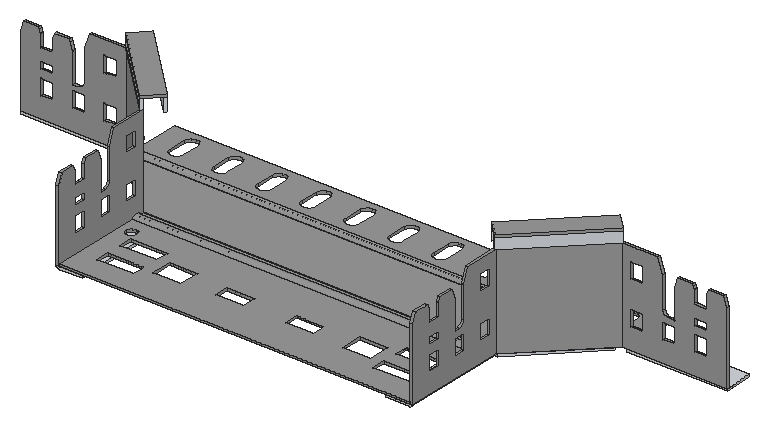
Revit family "Anbau-Abzweigstück - RAAM 620 FS.ok", category Generic Models, Revit 2017
Family settings
  Can host rebar = No
  Round Connector Dimension = Use Diameter
  Part Type = Normal
  Work Plane-Based = No
  Always vertical = Yes
  Cut with Voids When Loaded = No
  Shared = No
  Room Calculation Point = No
Parameters (values of type "6041234")
  Width 1 = 281 mm
  Width = 200 mm
  URL = "http://www.obo-bettermann.com"
  Material = Strip-galvanised
  Manufacturer Art.No. = "6041234"
  Manufacturer = "OBO BETTERMANN"
  GTIN = "4012195878582"
  Cut's number = 11
  Article Type = "RAAM 620 FS"
Reference planes
  plane 1 "Center (Front/Back)": y = 0
  plane 2: z = -1.455
  plane 3 "Center (Left/Right)": x = 0
  plane 4: y = -5.4
  plane 5: z = 3.25
  plane 6: x = 200
  plane 7: y = 37
  plane 8: x = 100
  plane 9: z = 3.3
  plane 10: y = 39.75
  plane 11: z = -1.45
  plane 12: through (4267.2, 41.898, 2.11) normal (0, 0.866, 0.5)
  plane 13: y = -60.03
  plane 14: y = 73.47
  plane 15: y = 37
  plane 16: y = 44.3
  plane 17: x = -40.5
  plane 18: x = 240.5
  plane 19: x = 100
  plane 20: y = 73.6
  plane 21: z = -2.755
  plane 22: x = -101
  plane 23: x = 301
  plane 24: z = 53.27
  plane 25: x = 201.3
  plane 26: x = -1.3
  plane 27: x = -43.8
  plane 28: x = 243.8
  plane 29: y = 60.6
  plane 30: x = -25
  plane 31: x = 225
  plane 32: y = 60.6
  plane 33: x = 0
  plane 34: x = 250
  plane 35: y = 60.6
  plane 36: x = 25
  plane 37: x = 275
  plane 38: y = 60.6
  plane 39: x = 50
  plane 40: x = 300
  plane 41: y = 60.6
  plane 42: x = 75
  plane 43: x = 325
  plane 44: y = 60.6
  plane 45: x = 100
  plane 46: x = 350
  plane 47: y = 60.6
  plane 48: x = 125
  plane 49: x = 375
  plane 50: y = 60.6
  plane 51: x = 150
  plane 52: x = 400
  plane 53: y = 60.6
  plane 54: x = 175
  plane 55: x = 425
  plane 56: y = 60.6
  plane 57: x = 200
  plane 58: x = 450
  plane 59: y = 60.6
  plane 60: x = 225
  plane 61: x = 475
  plane 62: y = -17.65
  plane 63: x = 192.26
  plane 64: y = -17.65
  plane 65: x = 7.74
  plane 66: x = 240.5
  plane 67: y = 48.104
  plane 68: x = 258.738
  plane 69: y = 46.31
  plane 70: x = -58.738
  plane 71: y = -34.4
  plane 72: x = 120
  plane 73: y = -34.4
  plane 74: x = 154
  plane 75: x = 178.468
  plane 76: y = -26.4
  plane 77: y = -34.4
  plane 78: x = 80
  plane 79: y = -34.4
  plane 80: x = 46
  plane 81: x = 21.532
  plane 82: y = -26.4
  plane 83: z = 16.608
  plane 84: z = 16.608
  plane 85: x = -86
  plane 86: x = -49.75
  plane 87: x = -67.75
  plane 88: x = -49.75
  plane 89: z = 40.995
  plane 90: z = 29.445
  plane 91: z = 16.608
  plane 92: z = 16.608
  plane 93: x = 286
  plane 94: x = 249.75
  plane 95: x = 267.75
  plane 96: x = 249.75
  plane 97: z = 40.995
  plane 98: z = 46.495
  plane 99: x = -99
  plane 100: x = -71
  plane 101: x = -86
  plane 102: z = 36.495
  plane 103: x = -81.453
  plane 104: z = 24.195
  plane 105: x = -61.471
  plane 106: z = 29.445
  plane 107: z = 29.445
  plane 108: z = 46.495
  plane 109: x = 299
  plane 110: z = 36.495
  plane 111: x = 289.484
  plane 112: x = 282.484
  plane 113: x = 290.523
  plane 114: x = 281.484
  plane 115: x = 271
  plane 116: z = 24.195
  plane 117: x = 286.023
  plane 118: x = 261.595
  plane 119: y = 42.742
  plane 120: y = 42.742
  plane 121: z = 59.27
  plane 122: z = 59.27
  plane 123: z = 60.732
  plane 124: z = 51.732
  plane 125: z = 46.636
  plane 126: y = -57.9
  plane 127: y = -29.9
  plane 128: y = -44.9
  plane 129: z = 36.636
  plane 130: y = -49.405
  plane 131: y = -40.392
  plane 132: z = 24.336
  plane 133: y = -20.4
  plane 134: z = 16.136
  plane 135: y = -44.9
  plane 136: y = -26.65
  plane 137: y = -8.65
  plane 138: z = 46.636
  plane 139: y = -57.9
  plane 140: y = -29.9
  plane 141: y = -44.9
  plane 142: y = -41.4
  plane 143 "1": y = -48.4
  plane 144: y = -49.4
  plane 145: y = -40.4
  plane 146: z = 36.636
  plane 147: y = -31.93
  plane 148: z = 24.336
  plane 149: y = -20.4
  plane 150: z = 16.136
  plane 151: y = -44.9
  plane 152: y = -26.65
  plane 153: y = -8.65
  plane 154: z = 41.136
  plane 155: y = -8.65
  plane 156: z = 29.586
  plane 157: z = 41.136
  plane 158: y = -8.65
  plane 159: z = 29.586
Forms (mm)
  Extrusion 1, solid, material "Strip-galvanised" <- "Material"
    sketch origin (0, 0, 0) x (0, 1, 0) y (0, 0, 1)
      loop
        line (-59.9, 0) -> (-8.028, 0)
        arc (-8.028, 0) -> (-7.275, 0.203) -> (-6.725, 0.756) r 1.5
        arc (-6.725, 0.756) -> (-5.4, 1.526) -> (-4.075, 0.756) r 1.526
        arc (-4.075, 0.756) -> (-3.525, 0.203) -> (-2.772, 0) r 1.5
        line (-2.772, 0) -> (0, 0) -> (0, 1.3) -> (-2.891, 1.3)
        arc (-2.891, 1.3) -> (-5.4, 2.826) -> (-7.909, 1.3) r 2.826
        line (-7.909, 1.3) -> (-59.9, 1.3) -> (-59.9, 0)
    from 0 to 200
  Extrusion 2, solid, material "Strip-galvanised" <- "Material"
    sketch origin (0, 0, 0) x (1, 0, 0) y (0, 1, 0)
      loop
        line (200.272, 0) -> (237.272, 37) -> (-37, 37) -> (0, 0) -> (200.272, 0)
    from 0 to 1.3
  Extrusion 3, solid, material "Strip-galvanised"
    sketch origin (0, 0, 0) x (0, 1, 0) y (0, 0, 1)
      loop
        line (37, 0) -> (37.999, 0) -> (38.242, 0.909)
        arc (38.242, 0.909) -> (39.538, 1.982) -> (40.975, 1.108) r 1.45
        line (40.975, 1.108) -> (42.597, -1.702)
        arc (42.597, -1.702) -> (43.368, -2.473) -> (44.422, -2.755) r 2.106
        line (44.422, -2.755) -> (44.422, -1.455)
        arc (44.422, -1.455) -> (44.018, -1.347) -> (43.723, -1.052) r 0.806
        line (43.723, -1.052) -> (42.133, 1.702)
        arc (42.133, 1.702) -> (39.426, 3.277) -> (37, 1.296) r 2.75
        line (37, 1.296) -> (37, 0)
    from -40.5 to 240.5
  Extrusion 4, void
    sketch origin (0, 0, 0) x (1, 0, 0) y (0, 1, 0)
      loop
        line (-37, 37) -> (-40.5, 40.5) -> (-40.5, 37) -> (-37, 37)
    from 0 to 3.402
  Extrusion 5, void
    sketch origin (200, 0, 0) x (-1, 0, 0) y (0, -1, 0)
      loop
        line (-37, -37) -> (-40.5, -37) -> (-40.5, -40.5) -> (-37, -37)
    from 0 to 3.402
  Extrusion 6, solid, material "Strip-galvanised"
    sketch origin (0, 0, 0) x (1, 0, 0) y (0, 1, 0)
      loop
        line (-40.5, 44.422) -> (240.5, 44.422) -> (240.5, 73.6) -> (-40.5, 73.6) -> (-40.5, 44.422)
    from -2.755 to -1.457
  Extrusion 7, solid, material "Strip-galvanised" <- "Material"
    sketch origin (0, 0, 0) x (1, 0, 0) y (0, 1, 0)
      loop
        line (0, 0) -> (-40.492, 40.492) -> (-101, 40.492) -> (-101, 39.192) -> (-41.03, 39.192) -> (-1.3, -0.538) -> (-1.3, -59.9) -> (0, -59.9) -> (0, 0)
      loop
        line (200, -59.9) -> (201.3, -59.9) -> (201.3, -0.81) -> (241.174, 39.064) -> (301, 39.064) -> (301, 40.364) -> (240.636, 40.364) -> (200, -0.272) -> (200, -59.9)
    from 0 to 53.27
  Extrusion 8, solid
    sketch origin (0, 0, 0) x (1, 0, 0) y (0, 0, 1)
      loop
        line (199, 0) -> (186.3, 0) -> (186.3, -1.314) -> (199.23, -1.314)
        arc (199.23, -1.314) -> (200.46, -0.958) -> (201.308, 0) r 2.3
        line (201.308, 0) -> (200, 0) -> (200, 1)
        arc (200, 1) -> (199.707, 0.293) -> (199, 0) r 1
    from 0 to 59.9
  Extrusion 9, solid
    sketch origin (200, 0, 0) x (-1, 0, 0) y (0, 0, -1)
      loop
        arc (199, 0) -> (199.707, -0.293) -> (200, -1) r 1
        line (200, -1) -> (200, 0) -> (201.308, 0)
        arc (201.308, 0) -> (200.46, 0.958) -> (199.23, 1.314) r 2.3
        line (199.23, 1.314) -> (186.3, 1.314) -> (186.3, 0) -> (199, 0)
    from 0 to 59.9
  Extrusion 10, solid
    sketch origin (0, 0, 0) x (1, 0, 0) y (0, 1, 0)
      loop
        line (-38.838, 37) -> (-1.838, 0) -> (19.375, 0) -> (-17.625, 37) -> (-38.838, 37)
    from -1.455 to 0
  Extrusion 11, solid
    sketch origin (200, 0, 0) x (-1, 0, 0) y (0, -1, 0)
      loop
        line (-38.838, -37) -> (-17.625, -37) -> (19.375, 0) -> (-1.838, 0) -> (-38.838, -37)
    from -1.455 to 0
  Extrusion 12, solid
    sketch origin (0, -1.42, 0) x (1, 0, 0) y (0, 1, 0)
      loop
        line (-43.8, 40.612) -> (-43.8, 56.912) -> (-100.988, 56.912) -> (-100.988, 40.612) -> (-43.8, 40.612)
    from -1.455 to 0
  Extrusion 13, solid
    sketch origin (200, 0, 0) x (-1, 0, 0) y (0, -1, 0)
      loop
        line (-43.8, -39.192) -> (-100.988, -39.192) -> (-100.988, -55.492) -> (-43.8, -55.492) -> (-43.8, -39.192)
    from -1.455 to 0
  Extrusion 14, void
    sketch origin (0, 0, 0) x (1, 0, 0) y (0, 1, 0)
      loop
        arc (-29, 55.6) -> (-25, 51.6) -> (-21, 55.6) r 4
        line (-21, 55.6) -> (-21, 65.6)
        arc (-21, 65.6) -> (-25, 69.6) -> (-29, 65.6) r 4
        line (-29, 65.6) -> (-29, 55.6)
    from -1.455 to -2.755
  Extrusion 15, void
    sketch origin (25, 0, 0) x (1, 0, 0) y (0, 1, 0)
      loop
        arc (-29, 55.6) -> (-25, 51.6) -> (-21, 55.6) r 4
        line (-21, 55.6) -> (-21, 65.6)
        arc (-21, 65.6) -> (-25, 69.6) -> (-29, 65.6) r 4
        line (-29, 65.6) -> (-29, 55.6)
    from -1.455 to -2.755
  Extrusion 16, void
    sketch origin (50, 0, 0) x (1, 0, 0) y (0, 1, 0)
      loop
        arc (-29, 55.6) -> (-25, 51.6) -> (-21, 55.6) r 4
        line (-21, 55.6) -> (-21, 65.6)
        arc (-21, 65.6) -> (-25, 69.6) -> (-29, 65.6) r 4
        line (-29, 65.6) -> (-29, 55.6)
    from -1.455 to -2.755
  Extrusion 17, void
    sketch origin (75, 0, 0) x (1, 0, 0) y (0, 1, 0)
      loop
        arc (-29, 55.6) -> (-25, 51.6) -> (-21, 55.6) r 4
        line (-21, 55.6) -> (-21, 65.6)
        arc (-21, 65.6) -> (-25, 69.6) -> (-29, 65.6) r 4
        line (-29, 65.6) -> (-29, 55.6)
    from -1.455 to -2.755
  Extrusion 18, void
    sketch origin (100, 0, 0) x (1, 0, 0) y (0, 1, 0)
      loop
        arc (-29, 55.6) -> (-25, 51.6) -> (-21, 55.6) r 4
        line (-21, 55.6) -> (-21, 65.6)
        arc (-21, 65.6) -> (-25, 69.6) -> (-29, 65.6) r 4
        line (-29, 65.6) -> (-29, 55.6)
    from -1.455 to -2.755
  Extrusion 19, void
    sketch origin (125, 0, 0) x (1, 0, 0) y (0, 1, 0)
      loop
        arc (-29, 55.6) -> (-25, 51.6) -> (-21, 55.6) r 4
        line (-21, 55.6) -> (-21, 65.6)
        arc (-21, 65.6) -> (-25, 69.6) -> (-29, 65.6) r 4
        line (-29, 65.6) -> (-29, 55.6)
    from -1.455 to -2.755
  Extrusion 20, void
    sketch origin (150, 0, 0) x (1, 0, 0) y (0, 1, 0)
      loop
        arc (-29, 55.6) -> (-25, 51.6) -> (-21, 55.6) r 4
        line (-21, 55.6) -> (-21, 65.6)
        arc (-21, 65.6) -> (-25, 69.6) -> (-29, 65.6) r 4
        line (-29, 65.6) -> (-29, 55.6)
    from -1.455 to -2.755
  Extrusion 21, void
    sketch origin (175, 0, 0) x (1, 0, 0) y (0, 1, 0)
      loop
        arc (-29, 55.6) -> (-25, 51.6) -> (-21, 55.6) r 4
        line (-21, 55.6) -> (-21, 65.6)
        arc (-21, 65.6) -> (-25, 69.6) -> (-29, 65.6) r 4
        line (-29, 65.6) -> (-29, 55.6)
    from -1.455 to -2.755
  Extrusion 22, void
    sketch origin (200, 0, 0) x (1, 0, 0) y (0, 1, 0)
      loop
        arc (-29, 55.6) -> (-25, 51.6) -> (-21, 55.6) r 4
        line (-21, 55.6) -> (-21, 65.6)
        arc (-21, 65.6) -> (-25, 69.6) -> (-29, 65.6) r 4
        line (-29, 65.6) -> (-29, 55.6)
    from -1.455 to -2.755
  Extrusion 23, void
    sketch origin (225, 0, 0) x (1, 0, 0) y (0, 1, 0)
      loop
        arc (-29, 55.6) -> (-25, 51.6) -> (-21, 55.6) r 4
        line (-21, 55.6) -> (-21, 65.6)
        arc (-21, 65.6) -> (-25, 69.6) -> (-29, 65.6) r 4
        line (-29, 65.6) -> (-29, 55.6)
    from -1.455 to -2.755
  Extrusion 24, void
    sketch origin (250, 0, 0) x (1, 0, 0) y (0, 1, 0)
      loop
        arc (-29, 55.6) -> (-25, 51.6) -> (-21, 55.6) r 4
        line (-21, 55.6) -> (-21, 65.6)
        arc (-21, 65.6) -> (-25, 69.6) -> (-29, 65.6) r 4
        line (-29, 65.6) -> (-29, 55.6)
    from -1.455 to -2.755
  Extrusion 25, void
    sketch origin (0, 0, 0) x (1, 0, 0) y (0, 1, 0)
      loop
        circle (192.26, -17.65) r 3.1
    from 1.3 to -1.455
  Extrusion 26, void
    sketch origin (200, 0, 0) x (-1, 0, 0) y (0, -1, 0)
      loop
        circle (192.26, 17.65) r 3.1
    from 1.3 to -1.455
  Extrusion 27, void
    sketch origin (0, 0, 0) x (1, 0, 0) y (0, 1, 0)
      loop
        circle (258.738, 48.104) r 3.108
    from 0 to -1.455
  Extrusion 28, void
    sketch origin (0, 0, 0) x (1, 0, 0) y (0, 1, 0)
      loop
        circle (-58.738, 46.31) r 3.125
    from 0 to -1.455
  Extrusion 29, void
    sketch origin (0, 0, 0) x (1, 0, 0) y (0, 1, 0)
      loop
        line (112, -30.4) -> (112, -38.4) -> (128, -38.4) -> (128, -30.4) -> (112, -30.4)
    from 1.702 to 0
  Extrusion 30, void
    sketch origin (0, 0, 0) x (1, 0, 0) y (0, 1, 0)
      loop
        line (146, -28.4) -> (146, -40.4) -> (162, -40.4) -> (162, -28.4) -> (146, -28.4)
      loop
        line (167.968, -22.6) -> (167.968, -30.2) -> (188.968, -30.2) -> (188.968, -22.6) -> (167.968, -22.6)
      loop
        line (167.968, -46.2) -> (188.968, -46.2) -> (188.968, -38.6) -> (167.968, -38.6) -> (167.968, -46.2)
    from 1.702 to 0
  Extrusion 31, void
    sketch origin (200, 0, 0) x (-1, 0, 0) y (0, -1, 0)
      loop
        line (112, 30.4) -> (128, 30.4) -> (128, 38.4) -> (112, 38.4) -> (112, 30.4)
    from 1.702 to 0
  Extrusion 32, void
    sketch origin (200, 0, 0) x (-1, 0, 0) y (0, -1, 0)
      loop
        line (146, 28.4) -> (162, 28.4) -> (162, 40.4) -> (146, 40.4) -> (146, 28.4)
      loop
        line (167.968, 22.6) -> (188.968, 22.6) -> (188.968, 30.2) -> (167.968, 30.2) -> (167.968, 22.6)
      loop
        line (167.968, 46.2) -> (167.968, 38.6) -> (188.968, 38.6) -> (188.968, 46.2) -> (167.968, 46.2)
    from 1.702 to 0
  Extrusion 33, void
    sketch origin (0, 0, 0) x (1, 0, 0) y (0, 0, 1)
      loop
        line (-89.471, 21.108) -> (-89.471, 12.108) -> (-82.5, 12.108) -> (-82.5, 21.108) -> (-89.471, 21.108)
      loop
        line (-71.25, 21.108) -> (-71.25, 12.108) -> (-64.25, 12.108) -> (-64.25, 21.108) -> (-71.25, 21.108)
      loop
        line (-53.25, 21.108) -> (-53.25, 12.108) -> (-46.25, 12.108) -> (-46.25, 21.108) -> (-53.25, 21.108)
      loop
        line (-53.25, 45.495) -> (-53.25, 36.495) -> (-46.25, 36.495) -> (-46.25, 45.495) -> (-53.25, 45.495)
    from -39.192 to -40.492
  Extrusion 34, void
    sketch origin (200, 0, 0) x (-1, 0, 0) y (0, 0, -1)
      loop
        line (-89.471, -21.108) -> (-82.5, -21.108) -> (-82.5, -12.108) -> (-89.471, -12.108) -> (-89.471, -21.108)
      loop
        line (-71.25, -21.108) -> (-64.25, -21.108) -> (-64.25, -12.108) -> (-71.25, -12.108) -> (-71.25, -21.108)
      loop
        line (-53.25, -21.108) -> (-46.25, -21.108) -> (-46.25, -12.108) -> (-53.25, -12.108) -> (-53.25, -21.108)
      loop
        line (-53.25, -45.495) -> (-46.25, -45.495) -> (-46.25, -36.495) -> (-53.25, -36.495) -> (-53.25, -45.495)
    from -39.192 to -40.492
  Extrusion 35, void
    sketch origin (0, 0, 0) x (1, 0, 0) y (0, 0, 1)
      loop
        line (-99, 46.495) -> (-90.547, 46.495) -> (-89.484, 43.575) -> (-89.484, 36.995)
        arc (-89.484, 36.995) -> (-89.338, 36.641) -> (-88.984, 36.495) r 0.5
        line (-88.984, 36.495) -> (-86, 36.495) -> (-82.953, 36.495)
        arc (-82.953, 36.495) -> (-82.599, 36.641) -> (-82.453, 36.995) r 0.5
        line (-82.453, 36.995) -> (-82.453, 43.747) -> (-81.453, 46.495) -> (-73, 46.495) -> (-71, 41) -> (-71, 24.195) -> (-67.471, 24.195)
        arc (-67.471, 24.195) -> (-65.349, 25.074) -> (-64.471, 27.195) r 3
        line (-64.471, 27.195) -> (-64.471, 45.028) -> (-61.471, 53.27) -> (-101, 53.27) -> (-101, 41) -> (-99, 46.495)
    from -39.192 to -40.492
  Extrusion 36, void
    sketch origin (0, 0, 0) x (1, 0, 0) y (0, 0, 1)
      loop
        line (-89.484, 29.445) -> (-89.484, 25.445) -> (-82.453, 25.445) -> (-82.453, 29.445) -> (-89.484, 29.445)
    from -39.064 to -40.492
  Extrusion 37, void
    sketch origin (200, 0, 0) x (-1, 0, 0) y (0, 0, -1)
      loop
        line (-89.484, -29.445) -> (-82.453, -29.445) -> (-82.453, -25.445) -> (-89.484, -25.445) -> (-89.484, -29.445)
    from -39.192 to -40.492
  Extrusion 38, void
    sketch origin (0, 0, 0) x (1, 0, 0) y (0, 0, 1)
      loop
        line (299, 46.495) -> (301, 41) -> (301, 53.27) -> (261.595, 53.27) -> (264.595, 45.028) -> (264.595, 27.195)
        arc (264.595, 27.195) -> (265.473, 25.074) -> (267.595, 24.195) r 3
        line (267.595, 24.195) -> (271.046, 24.195) -> (271.046, 41) -> (273.046, 46.495) -> (281.484, 46.495) -> (282.484, 43.747) -> (282.484, 36.995)
        arc (282.484, 36.995) -> (282.631, 36.641) -> (282.984, 36.495) r 0.5
        line (282.984, 36.495) -> (289.023, 36.495)
        arc (289.023, 36.495) -> (289.377, 36.641) -> (289.523, 36.995) r 0.5
        line (289.523, 36.995) -> (289.523, 43.747) -> (290.523, 46.495) -> (299, 46.495)
    from -39.192 to -40.5
  Extrusion 39, void
    sketch origin (0, 0, 0) x (1, 0, 0) y (0, 1, 0)
      loop
        line (-100.988, 42.742) -> (-99.873, 55.492) -> (-100.988, 55.492) -> (-100.988, 42.742)
    from 0 to -1.455
  Extrusion 40, void
    sketch origin (0, 0, 0) x (1, 0, 0) y (0, 1, 0)
      loop
        line (300.988, 42.742) -> (300.988, 55.492) -> (299.873, 55.492) -> (300.988, 42.742)
    from 0 to -250
  Extrusion 41, solid
    sketch origin (0, 0, 0) x (1, 0, 0) y (0, 1, 0)
      loop
        line (0, 0) -> (-40.5, 40.5) -> (-41.419, 39.581) -> (-0.919, -0.919) -> (0, 0)
    from 59.27 to 53.27
  Extrusion 42, solid, material "Strip-galvanised" <- "Material"
    sketch origin (0, 0, 0) x (1, 0, 0) y (0, 1, 0)
      loop
        line (-41.419, 39.581) -> (-0.919, -0.919) -> (7.567, 7.567) -> (-32.933, 48.067) -> (-41.419, 39.581)
    from 60.732 to 59.27
  Extrusion 43, solid
    sketch origin (0, 0, 0) x (1, 0, 0) y (0, 1, 0)
      loop
        line (240.636, 40.364) -> (200, -0.272) -> (200.919, -1.191) -> (241.555, 39.445) -> (240.636, 40.364)
    from 59.27 to 53.27
  Extrusion 44, solid, material "Strip-galvanised" <- "Material"
    sketch origin (0, 0, 0) x (1, 0, 0) y (0, 1, 0)
      loop
        line (241.555, 39.445) -> (233.07, 47.93) -> (192.434, 7.294) -> (200.919, -1.191) -> (241.555, 39.445)
    from 60.732 to 59.27
  Extrusion 45, solid
    sketch origin (0, 0, 0) x (1, 0, 0) y (0, 1, 0)
      loop
        line (-32.933, 48.067) -> (-33.835, 47.165) -> (6.665, 6.665) -> (7.567, 7.567) -> (-32.933, 48.067)
    from 59.27 to 51.732
  Extrusion 46, solid
    sketch origin (200, 0, 0) x (-1, 0, 0) y (0, -1, 0)
      loop
        line (-32.933, -48.067) -> (7.567, -7.567) -> (6.665, -6.665) -> (-33.835, -47.165) -> (-32.933, -48.067)
    from 59.27 to 51.732
  Extrusion 47, void
    sketch origin (0, 0, 0) x (0, 1, 0) y (0, 0, 1)
      loop
        line (-57.9, 46.636) -> (-49.405, 46.636) -> (-48.405, 43.888) -> (-48.405, 36.636) -> (-44.9, 36.636) -> (-41.392, 36.636) -> (-41.392, 43.899) -> (-40.395, 46.636) -> (-31.9, 46.636) -> (-29.9, 41.141) -> (-29.9, 24.336) -> (-26.4, 24.336)
        arc (-26.4, 24.336) -> (-24.279, 25.214) -> (-23.4, 27.336) r 3
        line (-23.4, 27.336) -> (-23.4, 45.028) -> (-20.4, 53.27) -> (-59.9, 53.27) -> (-59.9, 41.141) -> (-57.9, 46.636)
    from 0 to -1.3
  Extrusion 48, void
    sketch origin (0, 0, 0) x (0, 1, 0) y (0, 0, 1)
      loop
        line (-48.405, 20.636) -> (-48.405, 11.636) -> (-41.405, 11.636) -> (-41.405, 20.636) -> (-48.405, 20.636)
      loop
        line (-29.9, 20.636) -> (-29.9, 11.636) -> (-23.444, 11.636) -> (-23.444, 20.636) -> (-29.9, 20.636)
      loop
        line (-12.15, 20.636) -> (-12.15, 11.636) -> (-5.15, 11.636) -> (-5.15, 20.636) -> (-12.15, 20.636)
    from 0 to -1.3
  Extrusion 49, void
    sketch origin (0, 0, 0) x (0, 1, 0) y (0, 0, 1)
      loop
        line (-57.9, 46.636) -> (-49.4, 46.636) -> (-48.4, 43.888) -> (-48.4, 36.636) -> (-41.4, 36.636) -> (-41.4, 43.888) -> (-40.4, 46.636) -> (-31.93, 46.636) -> (-29.9, 41.059) -> (-29.9, 24.336) -> (-26.4, 24.336)
        arc (-26.4, 24.336) -> (-24.279, 25.214) -> (-23.4, 27.336) r 3
        line (-23.4, 27.336) -> (-23.4, 45.028) -> (-20.4, 53.27) -> (-59.91, 53.27) -> (-59.91, 41.114) -> (-57.9, 46.636)
    from 196 to 205.486
  Extrusion 50, void
    sketch origin (0, 0, 0) x (0, 1, 0) y (0, 0, 1)
      loop
        line (-48.4, 20.636) -> (-48.4, 11.636) -> (-41.4, 11.636) -> (-41.4, 20.636) -> (-48.4, 20.636)
      loop
        line (-30.15, 20.636) -> (-30.15, 11.636) -> (-23.15, 11.636) -> (-23.15, 20.636) -> (-30.15, 20.636)
      loop
        line (-12.15, 20.636) -> (-12.15, 11.636) -> (-5.15, 11.636) -> (-5.15, 20.636) -> (-12.15, 20.636)
      loop
        line (-12.15, 45.636) -> (-12.15, 36.636) -> (-5.15, 36.636) -> (-5.15, 45.636) -> (-12.15, 45.636)
      loop
        line (-48.4, 29.586) -> (-48.4, 25.586) -> (-41.4, 25.586) -> (-41.4, 29.586) -> (-48.4, 29.586)
    from 205.486 to 196
  Extrusion 51, void
    sketch origin (0, 0, 0) x (0, 1, 0) y (0, 0, 1)
      loop
        line (-5.15, 45.636) -> (-12.15, 45.636) -> (-12.15, 36.636) -> (-5.15, 36.636) -> (-5.15, 45.636)
      loop
        line (-41.452, 29.586) -> (-48.431, 29.586) -> (-48.431, 25.586) -> (-41.452, 25.586) -> (-41.452, 29.586)
    from 0 to -1.3
Cuts and joins
  Extrusion 4, Extrusion 5 cuts Extrusion 3
  Extrusion 14, Extrusion 15, Extrusion 16, Extrusion 17, Extrusion 18, Extrusion 19, Extrusion 20, Extrusion 21, Extrusion 22, Extrusion 23, Extrusion 24 cuts Extrusion 6
  Extrusion 25, Extrusion 26, Extrusion 29, Extrusion 30, Extrusion 31, Extrusion 32 cuts Extrusion 1
  Extrusion 25, Extrusion 26, Extrusion 30, Extrusion 32 cuts Extrusion 8
  Extrusion 27, Extrusion 40 cuts Extrusion 13
  Extrusion 28, Extrusion 39 cuts Extrusion 12
  Extrusion 33, Extrusion 34, Extrusion 35, Extrusion 36, Extrusion 37, Extrusion 38, Extrusion 47, Extrusion 48, Extrusion 49, Extrusion 50, Extrusion 51 cuts Extrusion 7
Dimensions and locks
  locked: Extrusion 1 sketch curve to Extrusion 1 sketch curve at 59.9
  locked: Extrusion 1 sketch curve to plane 4 at 54.5
  locked: Extrusion 1 sketch curve to Extrusion 1 sketch curve at 1.526
  locked: Extrusion 1 sketch curve to Extrusion 1 sketch curve at 1.3
  "Width": plane 3 "Center (Left/Right)" to plane 6
  locked: Extrusion 1 to plane 7 at 96.9
  locked: plane 3 "Center (Left/Right)" to plane 8 at 100
  locked: Extrusion 2 sketch curve to Extrusion 2 sketch curve at 274.272
  locked: Extrusion 2 sketch curve to Extrusion 1 at 37
  locked: plane 9 to Extrusion 2 at 2  (x2)
  locked: Extrusion 2 to plane 10 at 2.75  (x2)
  locked: level to plane 11 at 1.45
  locked: Extrusion 3 sketch curve to Extrusion 2 at 1.986
  locked: Extrusion 3 sketch curve to Extrusion 3 sketch curve at 3.286
  locked: Extrusion 1 to plane 1 "Center (Front/Back)" at 59.9
  locked: plane 13 to plane 14 at 133.5
  locked: plane 15 to plane 16 at 7.3
  locked: Extrusion 2 to Extrusion 3 sketch curve at 7.422
  locked: Extrusion 3 sketch curve to level at 1.986
  locked: Extrusion 3 sketch curve to Extrusion 3 sketch curve at 1.3  (x2)
  locked: level to Extrusion 3 sketch curve at 2.755
  "Width 1": Extrusion 3 to Extrusion 3
  locked: Extrusion 1 to plane 19 at 100
  locked: plane 19 to plane 18 at 140.5
  locked: plane 17 to plane 19 at 140.5
  locked: Extrusion 1 to plane 20 at 133.5
  locked: Extrusion 6 sketch curve to Extrusion 6 sketch curve at 281
  locked: Extrusion 6 sketch curve to cut or joined group of Extrusion 3, Extrusion 4, Extrusion 5 at 29.178
  locked: Extrusion 6 sketch curve to plane 19 at 140.5
  locked: level to plane 21 at 2.755
  locked: Extrusion 6 to Extrusion 6 at 1.298
  locked: level to Extrusion 6 at 1.457
  locked: Extrusion 6 to level at 2.755
  locked: plane 22 to plane 19 at 201
  locked: plane 19 to plane 23 at 201
  locked: plane 1 "Center (Front/Back)" to Extrusion 7 sketch curve at 39.192
  locked: plane 1 "Center (Front/Back)" to Extrusion 7 sketch curve at 39.064
  locked: Extrusion 7 sketch curve to Extrusion 7 sketch curve at 202.6
  locked: Extrusion 7 sketch curve to Extrusion 7 sketch curve at 402
  locked: Extrusion 7 sketch curve to Extrusion 7 sketch curve at 1.3  (x2)
  locked: Extrusion 1 to Extrusion 7 sketch curve at 1.3
  Extrusion 7 sketch curve to Extrusion 1 = 1.3 mm
  locked: Extrusion 2 to Extrusion 7 sketch curve at 1.3
  locked: Extrusion 7 sketch curve to Extrusion 2 at 1.3
  locked: plane 24 to Extrusion 7 at 53.27
  Extrusion 8 sketch curve to plane 25 = 15 mm
  plane 25 to Extrusion 8 sketch curve = 15 mm
  locked: Extrusion 1 to Extrusion 8 sketch curve at 1.314
  Extrusion 9 sketch curve to plane 26 = 15 mm
  plane 26 to Extrusion 9 sketch curve = 15 mm
  locked: Extrusion 7 to Extrusion 10 sketch curve at 15
  locked: Extrusion 2 to cut or joined group of Extrusion 3, Extrusion 4, Extrusion 5 at 37
  Extrusion 7 to Extrusion 6 = 60.5 mm
  locked: Extrusion 7 to plane 27 at 57.2
  Extrusion 12 sketch curve to Extrusion 7 = 15 mm
  locked: Extrusion 12 sketch curve to Extrusion 12 sketch curve at 57.188
  locked: Extrusion 13 sketch curve to Extrusion 13 sketch curve at 57.188
  locked: Extrusion 14 sketch curve to Extrusion 14 sketch curve at 8
  locked: Extrusion 14 sketch curve to plane 30 at 4
  locked: Extrusion 14 sketch curve to plane 29 at 9
  locked: plane 29 to Extrusion 14 sketch curve at 9
  Extrusion 14 to plane 3 "Center (Left/Right)" = 29 mm
  locked: Extrusion 15 sketch curve to Extrusion 15 sketch curve at 8
  locked: Extrusion 15 sketch curve to plane 33 at 4
  locked: Extrusion 15 sketch curve to plane 32 at 9
  locked: plane 32 to Extrusion 15 sketch curve at 9
  equal spacing: group 1, group 2, group 3, group 4, group 5, group 6, group 7, group 8, group 9, group 10, group 11  (x3)
  locked: Extrusion 16 sketch curve to Extrusion 16 sketch curve at 8
  locked: Extrusion 16 sketch curve to plane 36 at 4
  locked: Extrusion 16 sketch curve to plane 35 at 9
  locked: plane 35 to Extrusion 16 sketch curve at 9
  locked: Extrusion 17 sketch curve to Extrusion 17 sketch curve at 8
  locked: Extrusion 17 sketch curve to plane 39 at 4
  locked: Extrusion 17 sketch curve to plane 38 at 9
  locked: plane 38 to Extrusion 17 sketch curve at 9
  locked: Extrusion 18 sketch curve to Extrusion 18 sketch curve at 8
  locked: Extrusion 18 sketch curve to plane 42 at 4
  locked: Extrusion 18 sketch curve to plane 41 at 9
  locked: plane 41 to Extrusion 18 sketch curve at 9
  locked: Extrusion 19 sketch curve to Extrusion 19 sketch curve at 8
  locked: Extrusion 19 sketch curve to plane 45 at 4
  locked: Extrusion 19 sketch curve to plane 44 at 9
  locked: plane 44 to Extrusion 19 sketch curve at 9
  locked: Extrusion 20 sketch curve to Extrusion 20 sketch curve at 8
  locked: Extrusion 20 sketch curve to plane 48 at 4
  locked: Extrusion 20 sketch curve to plane 47 at 9
  locked: plane 47 to Extrusion 20 sketch curve at 9
  locked: Extrusion 21 sketch curve to Extrusion 21 sketch curve at 8
  locked: Extrusion 21 sketch curve to plane 51 at 4
  locked: Extrusion 21 sketch curve to plane 50 at 9
  locked: plane 50 to Extrusion 21 sketch curve at 9
  locked: Extrusion 22 sketch curve to Extrusion 22 sketch curve at 8
  locked: Extrusion 22 sketch curve to plane 54 at 4
  locked: Extrusion 22 sketch curve to plane 53 at 9
  locked: plane 53 to Extrusion 22 sketch curve at 9
  locked: Extrusion 23 sketch curve to Extrusion 23 sketch curve at 8
  locked: Extrusion 23 sketch curve to plane 57 at 4
  locked: Extrusion 23 sketch curve to plane 56 at 9
  locked: plane 56 to Extrusion 23 sketch curve at 9
  locked: Extrusion 24 sketch curve to Extrusion 24 sketch curve at 8
  locked: Extrusion 24 sketch curve to plane 60 at 4
  locked: Extrusion 24 sketch curve to plane 59 at 9
  locked: plane 59 to Extrusion 24 sketch curve at 9
  locked: Extrusion 1 to plane 62 at 42.25
  locked: plane 63 to Extrusion 7 at 7.74
  locked: plane 63 to Extrusion 25 sketch curve
  Extrusion 25 sketch curve to plane 62 = 3.1 mm
  locked: plane 65 to Extrusion 26 sketch curve
  Extrusion 26 sketch curve to plane 64 = 3.1 mm
  locked: plane 68 to Extrusion 13 at 42.25
  locked: plane 67 to Extrusion 7 at 7.74
  locked: plane 68 to Extrusion 27 sketch curve at 0
  locked: Extrusion 27 sketch curve to plane 67 at 3.108
  locked: plane 69 to Extrusion 7 at 5.818
  locked: Extrusion 12 to plane 70 at 42.25
  locked: plane 70 to Extrusion 28 sketch curve at 0
  locked: Extrusion 28 sketch curve to plane 69 at 3.125
  cut or joined group of Extrusion 1, Extrusion 25, Extrusion 26, Extrusion 29, Extrusion 30, Extrusion 31, Extrusion 32 to plane 71 = 25.5 mm
  locked: plane 19 to plane 72 at 20
  locked: Extrusion 29 sketch curve to Extrusion 29 sketch curve at 8
  locked: plane 71 to Extrusion 29 sketch curve at 4
  locked: Extrusion 29 sketch curve to Extrusion 29 sketch curve at 16
  locked: plane 72 to Extrusion 29 sketch curve at 8
  locked: cut or joined group of Extrusion 1, Extrusion 25, Extrusion 26, Extrusion 29, Extrusion 30, Extrusion 31, Extrusion 32 to plane 73 at 25.5
  locked: plane 19 to plane 74 at 54
  locked: Extrusion 30 sketch curve to Extrusion 30 sketch curve at 12
  locked: plane 73 to Extrusion 30 sketch curve at 6
  locked: Extrusion 30 sketch curve to Extrusion 30 sketch curve at 16
  locked: plane 74 to Extrusion 30 sketch curve at 8
  locked: Extrusion 30 sketch curve to Extrusion 30 sketch curve at 21  (x2)
  locked: plane 19 to plane 75 at 78.468
  locked: Extrusion 30 sketch curve to Extrusion 30 sketch curve at 7.6  (x2)
  locked: Extrusion 30 sketch curve to plane 73 at 4.2
  locked: plane 76 to plane 73 at 8
  locked: plane 75 to Extrusion 30 sketch curve at 10.5
  Extrusion 30 to plane 6 = 54 mm
  locked: Extrusion 31 sketch curve to Extrusion 31 sketch curve at 8
  locked: plane 77 to Extrusion 31 sketch curve at 4
  locked: Extrusion 31 sketch curve to Extrusion 31 sketch curve at 16
  locked: plane 78 to Extrusion 31 sketch curve at 8
  locked: Extrusion 32 sketch curve to Extrusion 32 sketch curve at 12
  locked: plane 79 to Extrusion 32 sketch curve at 6
  locked: Extrusion 32 sketch curve to Extrusion 32 sketch curve at 16
  locked: plane 80 to Extrusion 32 sketch curve at 8
  locked: Extrusion 32 sketch curve to Extrusion 32 sketch curve at 21  (x2)
  locked: Extrusion 32 sketch curve to Extrusion 32 sketch curve at 7.6  (x2)
  locked: Extrusion 32 sketch curve to plane 79 at 4.2
  locked: plane 82 to plane 79 at 8
  locked: plane 81 to Extrusion 32 sketch curve at 10.5
  plane 84 to Extrusion 7 = 16.608 mm
  locked: Extrusion 7 to plane 85 at 15
  locked: Extrusion 33 sketch curve to Extrusion 33 sketch curve at 6.971
  locked: plane 85 to Extrusion 33 sketch curve at 3.5
  locked: Extrusion 33 sketch curve to Extrusion 33 sketch curve at 9  (x4)
  locked: plane 83 to Extrusion 33 sketch curve at 4.5
  locked: Extrusion 33 sketch curve to Extrusion 33 sketch curve at 7  (x3)
  locked: plane 86 to Extrusion 33 sketch curve at 3.5
  locked: Extrusion 33 sketch curve to cut or joined group of Extrusion 12, Extrusion 28, Extrusion 39 at 13.563  (x2)
  locked: plane 87 to plane 85 at 18.25
  Extrusion 33 sketch curve to Extrusion 33 sketch curve = 7 mm
  locked: plane 87 to Extrusion 33 sketch curve at 3.5
  plane 87 to Extrusion 33 sketch curve = 3.5 mm
  locked: plane 86 to plane 87 at 18
  plane 86 to Extrusion 33 sketch curve = 3.5 mm  (x2)
  locked: plane 89 to cut or joined group of Extrusion 12, Extrusion 28, Extrusion 39 at 42.45
  locked: plane 88 to Extrusion 33 sketch curve at 3.5
  locked: plane 89 to Extrusion 33 sketch curve at 4.5
  locked: plane 90 to cut or joined group of Extrusion 12, Extrusion 28, Extrusion 39 at 30.9
  locked: Extrusion 34 sketch curve to Extrusion 34 sketch curve at 6.971
  locked: plane 93 to Extrusion 34 sketch curve at 3.5
  locked: Extrusion 34 sketch curve to Extrusion 34 sketch curve at 9  (x4)
  locked: plane 91 to Extrusion 34 sketch curve at 4.5
  locked: Extrusion 34 sketch curve to Extrusion 34 sketch curve at 7  (x3)
  locked: plane 94 to Extrusion 34 sketch curve at 3.5
  locked: plane 95 to plane 93 at 18.25
  Extrusion 34 sketch curve to Extrusion 34 sketch curve = 7 mm
  locked: plane 95 to Extrusion 34 sketch curve at 3.5
  plane 95 to Extrusion 34 sketch curve = 3.5 mm
  locked: plane 94 to plane 95 at 18
  plane 94 to Extrusion 34 sketch curve = 3.5 mm  (x2)
  locked: plane 96 to Extrusion 34 sketch curve at 3.5
  locked: plane 97 to Extrusion 34 sketch curve at 4.5
  locked: plane 98 to cut or joined group of Extrusion 12, Extrusion 28, Extrusion 39 at 47.95
  locked: cut or joined group 1 (Extrusion 7, Extrusion 33, Extrusion 34, Extrusion 35, Extrusion 36, Extrusion 37, Extrusion 38, Extrusion 47, Extrusion 48, Extrusion 49, Extrusion 50, Extrusion 51) to plane 99 at 2
  locked: cut or joined group 1 to plane 100 at 30
  locked: cut or joined group 1 to plane 101 at 15
  locked: plane 98 to plane 102 at 10
  locked: plane 104 to cut or joined group of Extrusion 12, Extrusion 28, Extrusion 39 at 25.65
  locked: plane 105 to Extrusion 35 sketch curve at 3
  locked: cut or joined group 1 to Extrusion 35 sketch curve at 6.775
  locked: Extrusion 35 sketch curve to Extrusion 35 sketch curve at 6.529
  locked: Extrusion 35 sketch curve to Extrusion 35 sketch curve at 7.031
  locked: plane 106 to cut or joined group of Extrusion 12, Extrusion 28, Extrusion 39 at 30.9
  locked: Extrusion 36 sketch curve to Extrusion 36 sketch curve at 4
  locked: Extrusion 37 sketch curve to Extrusion 37 sketch curve at 4
  locked: plane 108 to cut or joined group of Extrusion 13, Extrusion 27, Extrusion 40 at 47.95
  locked: cut or joined group 1 to plane 109 at 2
  locked: Extrusion 38 sketch curve to plane 110 at 10
  locked: plane 112 to plane 111 at 7
  locked: Extrusion 38 sketch curve to Extrusion 38 sketch curve at 7.039
  locked: plane 113 to Extrusion 38 sketch curve at 1
  Extrusion 38 sketch curve to plane 114 = 1 mm
  locked: cut or joined group 1 to plane 115 at 30
  locked: plane 116 to cut or joined group of Extrusion 13, Extrusion 27, Extrusion 40 at 25.65
  Extrusion 38 sketch curve to plane 117 = 3.5 mm
  locked: cut or joined group of Extrusion 12, Extrusion 28, Extrusion 39 to plane 119 at 12.75
  locked: cut or joined group of Extrusion 13, Extrusion 27, Extrusion 40 to plane 120 at 12.75
  locked: Extrusion 41 sketch curve to Extrusion 41 sketch curve at 57.276
  locked: cut or joined group 1 to cut or joined group 1 at 1.3  (x2)
  locked: plane 121 to Extrusion 41 at 6
  locked: Extrusion 42 sketch curve to Extrusion 41 at 12.002
  locked: Extrusion 42 sketch curve to Extrusion 42 sketch curve at 57.276
  locked: Extrusion 42 to Extrusion 10 at 60.725
  locked: Extrusion 42 to Extrusion 42 at 1.462
  locked: Extrusion 42 to Extrusion 41 at 6
  locked: Extrusion 43 sketch curve to Extrusion 43 sketch curve at 57.468
  locked: Extrusion 43 to Extrusion 44 sketch curve at 12
  locked: Extrusion 44 sketch curve to Extrusion 44 sketch curve at 57.468
  locked: Extrusion 45 sketch curve to Extrusion 42 at 1.276
  Extrusion 42 to Extrusion 42 = 57.276 mm
  locked: Extrusion 42 to plane 124 at 9
  locked: cut or joined group of Extrusion 8, Extrusion 25, Extrusion 26, Extrusion 30, Extrusion 32 to plane 125 at 47.95
  locked: cut or joined group 1 to plane 126 at 2
  locked: cut or joined group 1 to plane 127 at 30
  locked: cut or joined group 1 to plane 128 at 15
  locked: plane 125 to plane 129 at 10
  locked: plane 130 to Extrusion 47 sketch curve at 1
  Extrusion 47 sketch curve to plane 131 = 1 mm
  locked: cut or joined group of Extrusion 8, Extrusion 25, Extrusion 26, Extrusion 30, Extrusion 32 to plane 132 at 25.65
  locked: Extrusion 47 sketch curve to cut or joined group 1 at 28.934
  locked: cut or joined group of Extrusion 8, Extrusion 25, Extrusion 26, Extrusion 30, Extrusion 32 to plane 134 at 17.45
  locked: cut or joined group 1 to plane 135 at 15
  locked: plane 135 to plane 136 at 18.25
  locked: plane 136 to plane 137 at 18
  locked: Extrusion 48 sketch curve to Extrusion 48 sketch curve at 7  (x2)
  locked: Extrusion 48 sketch curve to plane 135 at 3.505
  locked: Extrusion 48 sketch curve to Extrusion 48 sketch curve at 9  (x2)
  locked: plane 134 to Extrusion 48 sketch curve at 4.5
  locked: Extrusion 48 sketch curve to Extrusion 48 sketch curve at 6.456
  locked: plane 137 to Extrusion 48 sketch curve at 3.5
  locked: cut or joined group 1 to plane 140 at 30
  locked: cut or joined group 1 to plane 139 at 2
  locked: cut or joined group 1 to plane 141 at 15
  locked: plane 141 to plane 142 at 3.5
  Extrusion 49 sketch curve to plane 141 = 4.5 mm
  locked: plane 143 "1" to plane 141 at 3.5
  locked: cut or joined group of Extrusion 8, Extrusion 25, Extrusion 26, Extrusion 30, Extrusion 32 to plane 138 at 47.95
  locked: plane 146 to Extrusion 49 sketch curve at 10
  locked: plane 147 to plane 140 at 2.03
  locked: cut or joined group of Extrusion 8, Extrusion 25, Extrusion 26, Extrusion 30, Extrusion 32 to plane 148 at 25.65
  locked: Extrusion 49 sketch curve to plane 149 at 3
  locked: Extrusion 49 sketch curve to Extrusion 49 sketch curve at 6.5
  locked: Extrusion 49 sketch curve to Extrusion 49 sketch curve at 7
  locked: Extrusion 49 sketch curve to cut or joined group 1 at 6.634
  locked: cut or joined group 1 to Extrusion 49 sketch curve at 12.156
  locked: Extrusion 49 sketch curve to Extrusion 49 sketch curve at 5.935
  locked: cut or joined group of Extrusion 8, Extrusion 25, Extrusion 26, Extrusion 30, Extrusion 32 to plane 150 at 17.45
  locked: cut or joined group 1 to plane 151 at 15
  locked: plane 151 to plane 152 at 18.25
  locked: plane 152 to plane 153 at 18
  locked: Extrusion 50 sketch curve to Extrusion 50 sketch curve at 9  (x4)
  locked: plane 150 to Extrusion 50 sketch curve at 4.5  (x3)
  locked: Extrusion 50 sketch curve to Extrusion 50 sketch curve at 7  (x5)
  locked: Extrusion 50 sketch curve to plane 151 at 3.5
  locked: Extrusion 50 sketch curve to plane 152 at 3.5
  locked: Extrusion 50 sketch curve to plane 153 at 3.5
  locked: cut or joined group of Extrusion 8, Extrusion 25, Extrusion 26, Extrusion 30, Extrusion 32 to plane 154 at 42.45
  locked: plane 155 to Extrusion 50 sketch curve at 3.5
  locked: plane 154 to Extrusion 50 sketch curve at 4.5
  locked: cut or joined group of Extrusion 8, Extrusion 25, Extrusion 26, Extrusion 30, Extrusion 32 to plane 156 at 30.9
  locked: Extrusion 50 sketch curve to Extrusion 50 sketch curve at 4
  locked: plane 157 to Extrusion 9 at 42.45
  locked: plane 158 to cut or joined group 1 at 51.25
  locked: Extrusion 9 to plane 159 at 30.9
  locked: Extrusion 51 sketch curve to Extrusion 51 sketch curve at 7
  locked: Extrusion 51 sketch curve to plane 158 at 3.5
  locked: Extrusion 51 sketch curve to Extrusion 51 sketch curve at 9
  locked: plane 157 to Extrusion 51 sketch curve at 4.5
  locked: Extrusion 51 sketch curve to Extrusion 51 sketch curve at 4
  locked: Extrusion 51 sketch curve to Extrusion 51 sketch curve at 6.98
  radius of Extrusion 1 sketch curve = 1.526 mm
  radius of Extrusion 1 sketch curve = 2.826 mm
  radius of Extrusion 8 sketch curve = 1 mm
  radius of Extrusion 8 sketch curve = 2.3 mm
  radius of Extrusion 9 sketch curve = 1 mm
  radius of Extrusion 9 sketch curve = 2.3 mm
  diameter of Extrusion 25 sketch curve = 6.2 mm
  diameter of Extrusion 26 sketch curve = 6.2 mm
  locked: Extrusion 2 sketch curve to plane 6 (angle 45.00°)
  locked: plane 3 "Center (Left/Right)" to Extrusion 2 sketch curve (angle 45.00°)
  locked: Extrusion 3 sketch curve to plane 9 (angle 60.00°)
  locked: Extrusion 35 sketch curve to Extrusion 35 sketch curve (angle 20.00°)  (x2)
  locked: plane 100 to Extrusion 35 sketch curve (angle 20.00°)
  locked: Extrusion 35 sketch curve to cut or joined group 1 (angle 20.00°)
  aligned and locked: level to Extrusion 1 sketch curve
  aligned and locked: Extrusion 1 sketch curve to level
  aligned and locked: plane 6 to Extrusion 1
  aligned and locked: Extrusion 1 to plane 3 "Center (Left/Right)"
  aligned and locked: Extrusion 2 sketch curve to Extrusion 1
  aligned and locked: Extrusion 2 to level
  aligned and locked: Extrusion 2 to Extrusion 1
  aligned and locked: Extrusion 3 sketch curve to plane 12
  aligned and locked: Extrusion 3 to plane 17
  aligned and locked: plane 18 to Extrusion 3
  aligned and locked: Extrusion 4 to Extrusion 2  (x3)
  aligned and locked: Extrusion 3 to Extrusion 4
  aligned and locked: Extrusion 6 sketch curve to cut or joined group of Extrusion 3, Extrusion 4, Extrusion 5
  aligned and locked: Extrusion 6 to plane 21
  aligned and locked: Extrusion 7 sketch curve to plane 23
  aligned and locked: Extrusion 1 to Extrusion 7 sketch curve  (x2)
  aligned and locked: Extrusion 7 sketch curve to plane 22
  aligned and locked: Extrusion 7 to level
  aligned and locked: plane 24 to Extrusion 7
  aligned and locked: plane 25 to Extrusion 7
  aligned and locked: Extrusion 8 to plane 1 "Center (Front/Back)"
  aligned and locked: Extrusion 1 to Extrusion 8
  aligned and locked: Extrusion 7 to Extrusion 8
  aligned and locked: plane 1 "Center (Front/Back)" to Extrusion 10 sketch curve
  aligned and locked: Extrusion 10 to cut or joined group of Extrusion 3, Extrusion 4, Extrusion 5
  aligned and locked: Extrusion 10 to Extrusion 1
  aligned and locked: cut or joined group of Extrusion 3, Extrusion 4, Extrusion 5 to Extrusion 14
  aligned and locked: Extrusion 14 to cut or joined group of Extrusion 3, Extrusion 4, Extrusion 5
  aligned and locked: Extrusion 1 to Extrusion 25
  aligned and locked: cut or joined group of Extrusion 3, Extrusion 4, Extrusion 5 to Extrusion 25
  aligned and locked: plane 66 to plane 18
  aligned and locked: Extrusion 29 to level
  aligned and locked: Extrusion 29 to cut or joined group of Extrusion 3, Extrusion 4, Extrusion 5
  aligned and locked: Extrusion 30 to cut or joined group of Extrusion 3, Extrusion 4, Extrusion 5
  aligned and locked: Extrusion 30 to level
  aligned and locked: Extrusion 7 to Extrusion 33  (x2)
  aligned and locked: Extrusion 13 to plane 2
  aligned and locked: level to Extrusion 13
  aligned and locked: Extrusion 27 to plane 2
  aligned and locked: level to Extrusion 27
  aligned and locked: Extrusion 13 to cut or joined group of Extrusion 12, Extrusion 28, Extrusion 39  (x2)
  aligned and locked: level to Extrusion 12
  aligned and locked: Extrusion 12 to plane 2
  aligned and locked: Extrusion 12 to cut or joined group of Extrusion 13, Extrusion 27, Extrusion 40
  aligned and locked: Extrusion 12 to cut or joined group 1
  aligned and locked: plane 84 to plane 83
  aligned and locked: plane 92 to plane 91
  aligned and locked: Extrusion 7 to Extrusion 35
  aligned and locked: Extrusion 35 to Extrusion 7
  aligned and locked: Extrusion 36 sketch curve to cut or joined group 1
  aligned and locked: cut or joined group 1 to Extrusion 36 sketch curve
  aligned and locked: Extrusion 36 sketch curve to plane 106
  aligned and locked: Extrusion 7 to Extrusion 36  (x2)
  aligned and locked: plane 107 to Extrusion 37 sketch curve
  aligned and locked: Extrusion 38 to Extrusion 7
  aligned and locked: cut or joined group of Extrusion 3, Extrusion 4, Extrusion 5 to Extrusion 38
  aligned and locked: level to Extrusion 39
  aligned and locked: Extrusion 39 to plane 2
  aligned and locked: Extrusion 41 sketch curve to cut or joined group of Extrusion 3, Extrusion 4, Extrusion 5
  aligned and locked: Extrusion 41 to plane 24
  aligned and locked: plane 121 to Extrusion 41
  aligned and locked: Extrusion 42 to Extrusion 41
  aligned and locked: Extrusion 43 to cut or joined group 1
  aligned and locked: Extrusion 43 to Extrusion 41
  aligned and locked: plane 123 to Extrusion 42
  aligned and locked: plane 121 to Extrusion 44
  aligned and locked: Extrusion 44 to Extrusion 42
  aligned and locked: Extrusion 45 to Extrusion 41
  aligned and locked: Extrusion 45 to plane 124
  aligned and locked: Extrusion 2 to Extrusion 47
  aligned and locked: Extrusion 47 to Extrusion 7
  aligned and locked: Extrusion 48 sketch curve to Extrusion 48 sketch curve  (x2)
  aligned and locked: Extrusion 48 sketch curve to cut or joined group 1
  aligned and locked: Extrusion 49 sketch curve to plane 24
  aligned and locked: plane 3 "Center (Left/Right)" to Extrusion 48
Automatic sketch dimensions
  Extrusion 1 sketch curve to Extrusion 1 sketch curve = 0 mm  (x2)
  Extrusion 1 sketch curve to plane 4 = 0 mm
  Extrusion 1 sketch curve to Extrusion 1 sketch curve = 0.119 mm  (x2)
  level to Extrusion 1 sketch curve = 1.3 mm
  Extrusion 1 sketch curve to Extrusion 1 sketch curve = 0.2 mm  (x2)
  Extrusion 2 sketch curve to plane 3 "Center (Left/Right)" = 0 mm
  Extrusion 3 sketch curve to Extrusion 3 sketch curve = 0 mm  (x2)
  Extrusion 3 sketch curve to plane 15 = 0 mm
  Extrusion 3 sketch curve to Extrusion 3 sketch curve = 0.999 mm
  level to Extrusion 3 sketch curve = 0.909 mm
  Extrusion 3 sketch curve to Extrusion 3 sketch curve = 0.242 mm
  level to Extrusion 3 sketch curve = 0.536 mm
  Extrusion 3 sketch curve to plane 2 = 0.247 mm
  Extrusion 4 sketch curve to plane 17 = 0 mm
  Extrusion 4 sketch curve to Extrusion 4 sketch curve = 3.5 mm  (x2)
  Extrusion 4 sketch curve to plane 1 "Center (Front/Back)" = 37 mm
  Extrusion 5 sketch curve to plane 18 = 0 mm
  Extrusion 5 sketch curve to Extrusion 5 sketch curve = 3.5 mm  (x2)
  plane 1 "Center (Front/Back)" to Extrusion 5 sketch curve = 37 mm
  plane 1 "Center (Front/Back)" to Extrusion 7 sketch curve = 0 mm
  Extrusion 7 sketch curve to plane 3 "Center (Left/Right)" = 0 mm
  Extrusion 7 sketch curve to plane 6 = 0 mm
  plane 17 to Extrusion 7 sketch curve = 0.008 mm
  plane 18 to Extrusion 7 sketch curve = 0.136 mm
  plane 1 "Center (Front/Back)" to Extrusion 7 sketch curve = 0.272 mm
  Extrusion 8 sketch curve to level = 0 mm  (x2)
  Extrusion 8 sketch curve to plane 6 = 0 mm
  Extrusion 8 sketch curve to Extrusion 8 sketch curve = 0.23 mm
  Extrusion 8 sketch curve to Extrusion 8 sketch curve = 0 mm
  Extrusion 9 sketch curve to level = 0 mm  (x2)
  Extrusion 9 sketch curve to plane 3 "Center (Left/Right)" = 0 mm
  Extrusion 9 sketch curve to Extrusion 9 sketch curve = 0.23 mm
  Extrusion 9 sketch curve to plane 26 = 0.008 mm
  Extrusion 9 sketch curve to Extrusion 9 sketch curve = 0 mm
  Extrusion 10 sketch curve to plane 3 "Center (Left/Right)" = 1.838 mm
  Extrusion 10 sketch curve to plane 3 "Center (Left/Right)" = 17.625 mm
  plane 17 to Extrusion 10 sketch curve = 1.662 mm
  plane 1 "Center (Front/Back)" to Extrusion 11 sketch curve = 0 mm
  plane 18 to Extrusion 11 sketch curve = 1.662 mm
  Extrusion 11 sketch curve to plane 6 = 17.625 mm
  Extrusion 11 sketch curve to plane 6 = 1.838 mm
  plane 6 to Extrusion 11 sketch curve = 19.375 mm
  plane 1 "Center (Front/Back)" to Extrusion 11 sketch curve = 37 mm
  Extrusion 12 sketch curve to plane 27 = 0 mm
  Extrusion 12 sketch curve to Extrusion 12 sketch curve = 16.3 mm
  Extrusion 13 sketch curve to plane 28 = 0 mm
  plane 1 "Center (Front/Back)" to Extrusion 13 sketch curve = 39.192 mm
  Extrusion 13 sketch curve to Extrusion 13 sketch curve = 16.3 mm
  Extrusion 27 sketch curve to plane 67 = 0 mm
  Extrusion 28 sketch curve to plane 69 = 0 mm
  Extrusion 30 sketch curve to Extrusion 30 sketch curve = 5.968 mm
  Extrusion 30 sketch curve to Extrusion 30 sketch curve = 5.8 mm
  Extrusion 32 sketch curve to Extrusion 32 sketch curve = 5.968 mm
  Extrusion 32 sketch curve to Extrusion 32 sketch curve = 5.8 mm
  plane 91 to Extrusion 34 sketch curve = 4.5 mm  (x2)
  Extrusion 35 sketch curve to plane 24 = 0 mm
  Extrusion 35 sketch curve to plane 99 = 0 mm
  Extrusion 35 sketch curve to plane 102 = 0 mm
  Extrusion 35 sketch curve to plane 101 = 0 mm
  Extrusion 35 sketch curve to plane 98 = 0 mm
  Extrusion 35 sketch curve to plane 103 = 0 mm
  Extrusion 35 sketch curve to plane 104 = 0 mm
  Extrusion 35 sketch curve to plane 105 = 0 mm
  Extrusion 35 sketch curve to plane 99 = 2 mm
  Extrusion 35 sketch curve to plane 101 = 4.547 mm
  Extrusion 35 sketch curve to plane 98 = 2.92 mm
  Extrusion 35 sketch curve to Extrusion 35 sketch curve = 0.5 mm  (x2)
  Extrusion 35 sketch curve to plane 100 = 2 mm
  Extrusion 35 sketch curve to Extrusion 35 sketch curve = 3 mm
  Extrusion 35 sketch curve to plane 98 = 2.747 mm
  Extrusion 37 sketch curve to plane 18 = 48.984 mm
  Extrusion 37 sketch curve to Extrusion 37 sketch curve = 7.031 mm
  Extrusion 38 sketch curve to plane 24 = 0 mm
  Extrusion 38 sketch curve to plane 118 = 0 mm
  Extrusion 38 sketch curve to plane 116 = 0 mm
  Extrusion 38 sketch curve to plane 108 = 0 mm
  Extrusion 38 sketch curve to plane 114 = 0 mm
  Extrusion 38 sketch curve to plane 110 = 0 mm
  Extrusion 38 sketch curve to plane 113 = 0 mm
  Extrusion 38 sketch curve to plane 109 = 0 mm
  plane 118 to Extrusion 38 sketch curve = 3 mm
  Extrusion 38 sketch curve to Extrusion 38 sketch curve = 3 mm
  plane 115 to Extrusion 38 sketch curve = 0.046 mm
  plane 115 to Extrusion 38 sketch curve = 2.046 mm
  Extrusion 38 sketch curve to plane 112 = 0.5 mm
  plane 111 to Extrusion 38 sketch curve = 0.461 mm
  plane 109 to Extrusion 38 sketch curve = 2 mm
  plane 110 to Extrusion 38 sketch curve = 4.505 mm  (x2)
  Extrusion 38 sketch curve to plane 108 = 2.747 mm  (x2)
  Extrusion 38 sketch curve to plane 108 = 1.467 mm
  Extrusion 39 sketch curve to plane 119 = 0 mm  (x2)
  plane 119 to Extrusion 39 sketch curve = 12.75 mm
  Extrusion 39 sketch curve to plane 17 = 60.488 mm
  Extrusion 39 sketch curve to Extrusion 39 sketch curve = 1.115 mm
  Extrusion 40 sketch curve to plane 120 = 0 mm
  plane 120 to Extrusion 40 sketch curve = 12.75 mm
  plane 18 to Extrusion 40 sketch curve = 59.373 mm
  Extrusion 40 sketch curve to Extrusion 40 sketch curve = 1.115 mm
  Extrusion 41 sketch curve to plane 17 = 0 mm
  plane 1 "Center (Front/Back)" to Extrusion 41 sketch curve = 0 mm
  Extrusion 41 sketch curve to plane 17 = 0.919 mm
  Extrusion 42 sketch curve to plane 17 = 0.919 mm
  plane 17 to Extrusion 42 sketch curve = 7.567 mm
  Extrusion 43 sketch curve to plane 6 = 0 mm
  plane 6 to Extrusion 43 sketch curve = 0.919 mm
  plane 18 to Extrusion 43 sketch curve = 0.136 mm
  plane 1 "Center (Front/Back)" to Extrusion 43 sketch curve = 1.191 mm
  Extrusion 44 sketch curve to plane 1 "Center (Front/Back)" = 7.294 mm
  plane 6 to Extrusion 44 sketch curve = 0.919 mm
  plane 17 to Extrusion 45 sketch curve = 6.665 mm
  Extrusion 45 sketch curve to Extrusion 45 sketch curve = 0.902 mm
  Extrusion 45 sketch curve to plane 1 "Center (Front/Back)" = 6.665 mm
  plane 18 to Extrusion 46 sketch curve = 6.665 mm
  Extrusion 46 sketch curve to Extrusion 46 sketch curve = 0.902 mm  (x2)
  plane 6 to Extrusion 46 sketch curve = 6.665 mm
  plane 1 "Center (Front/Back)" to Extrusion 46 sketch curve = 6.665 mm
  Extrusion 48 sketch curve to plane 134 = 4.5 mm
  Extrusion 49 sketch curve to plane 139 = 0 mm
  Extrusion 49 sketch curve to plane 142 = 0 mm
  Extrusion 49 sketch curve to plane 145 = 0 mm
  Extrusion 49 sketch curve to plane 147 = 0 mm
  Extrusion 49 sketch curve to plane 148 = 0 mm
  Extrusion 49 sketch curve to plane 149 = 0 mm
  Extrusion 49 sketch curve to plane 146 = 0 mm
  Extrusion 49 sketch curve to plane 139 = 2.01 mm
  Extrusion 49 sketch curve to Extrusion 49 sketch curve = 3 mm
  Extrusion 49 sketch curve to plane 138 = 2.747 mm  (x2)
  Extrusion 49 sketch curve to plane 138 = 1.608 mm
  Extrusion 50 sketch curve to plane 156 = 0 mm
  plane 151 to Extrusion 50 sketch curve = 3.5 mm
  Extrusion 47 sketch curve to plane 24 = 0 mm
  Extrusion 47 sketch curve to plane 125 = 0 mm
  Extrusion 47 sketch curve to plane 126 = 0 mm
  Extrusion 47 sketch curve to plane 130 = 0 mm
  Extrusion 47 sketch curve to plane 128 = 0 mm
  plane 125 to Extrusion 47 sketch curve = 0 mm
  Extrusion 47 sketch curve to plane 127 = 0 mm
  Extrusion 47 sketch curve to plane 133 = 0 mm
  Extrusion 47 sketch curve to plane 129 = 0 mm
  Extrusion 47 sketch curve to plane 126 = 2 mm
  Extrusion 47 sketch curve to plane 131 = 0.004 mm
  Extrusion 47 sketch curve to plane 127 = 2 mm
  Extrusion 47 sketch curve to plane 133 = 3 mm
  Extrusion 47 sketch curve to Extrusion 47 sketch curve = 3 mm
  plane 129 to Extrusion 47 sketch curve = 4.505 mm  (x2)
  Extrusion 47 sketch curve to plane 125 = 2.747 mm
  Extrusion 47 sketch curve to plane 125 = 2.737 mm
  Extrusion 47 sketch curve to plane 125 = 1.608 mm
  Extrusion 51 sketch curve to plane 159 = 0 mm
  Extrusion 51 sketch curve to Extrusion 51 sketch curve = 29.302 mm
